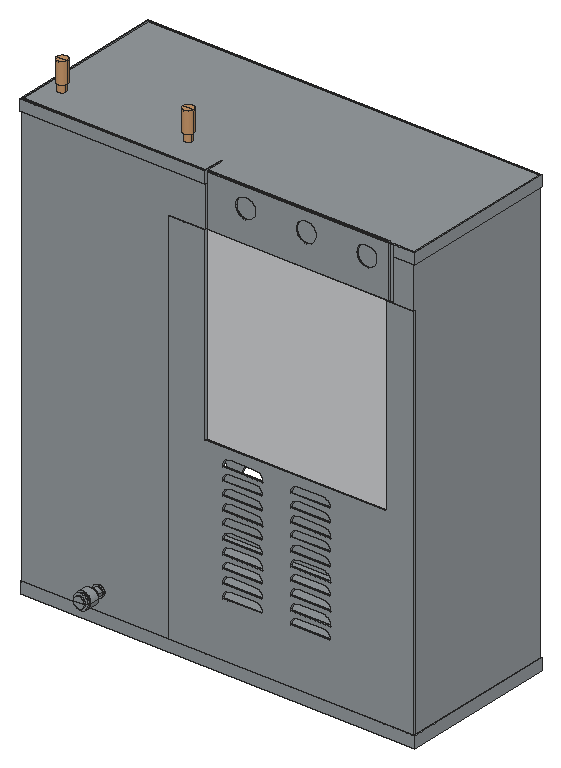
Revit family "Remote_Chiller_Non-Filtered -Elkay-ER101Y", category Plumbing Fixtures, Revit 2022
Family settings
  Round Connector Dimension = Use Diameter
  Part Type = Normal
  OmniClass Number = 23.45.05.14.14
  OmniClass Title = Sinks/Lavatories
  Work Plane-Based = No
  Always vertical = Yes
  Cut with Voids When Loaded = No
  Maintain Annotation Orientation = No
  Shared = No
  Room Calculation Point = No
Parameters (values of type "ER101Y (Remote Chiller)")
  Width = 7.875"
  Voltage = 115 V
  URL = "https://www.elkay.com/us/en.html"
  Type Image = <None>
  Installation Location = "Indoor"  # constant formula
  Dimensions = "19 1/2 inch x 7 7/8 inch x 22 inch"  # constant formula
  Repair Parts URL = "https://www.elkayfiles.com/care-cleaning-install-warranty-sheets/2000000532.pdf"
  Product data URL = "https://www.bimobject.com/en-in/elkay/product/er101y"
  Product Weight (lbs) = 68
  Product Page URL = "https://www.elkay.com/products/details/er101y"
  Product Installation Sheet URL = "https://www.elkayfiles.com/care-cleaning-install-warranty-sheets/2000000532.pdf"
  Product Documentation Link = "https://www.elkayfiles.com/spec-sheets/er101y_spec.pdf"
  Outlet Connection Size (inch) = 0.375"
  Modified Date = ""
  Model = "ER101Y"
  Manufacturer Brand = "Elkay (by Zurn Elkay Water Solutions)"
  Manufacturer = "Elkay Manufacturer Company"
  Main Material = Finish-Elkay-Galvanized steel
  Length = 19.500"
  Inlet Connection Size (inch) = 0.375"
  Height = 22.000"
  Description = "Remote Chiller Non-Filtered Refrigerated 10 GPH"
  Default Elevation = 0.000"
  Date Created = "10-24-2025"
  Chilling Capacity(GPH) = 10
  Assembly Code = "D2010800"
  Approx. Shipping Weight (lbs) = 74
Reference planes (in)
  plane 1 "Center (Front/Back)": y = 0
  plane 2: z = 1.00878
  plane 3 "Center (Left/Right)": x = 0
  plane 4: z = -20.42122
  plane 5: y = -9
  plane 6: z = 0.96268
  plane 7: z = -20.99122
  plane 8: y = -3.89101
  plane 9: x = 8.7499
  plane 10: z = -20.37512
  plane 11: z = -10.91122
  plane 12: x = 4.375
  plane 13: z = 0.00878
  plane 14: x = 7.375
  plane 15: x = 1.375
  plane 16: y = -3.98311
  plane 17: y = -2.43701
  plane 18: x = -2.65
  plane 19: x = -8.9
  plane 20: z = 2.30842
  plane 21: x = -2.91
  plane 22: z = 1.05878
  plane 23: z = 1.38878
  plane 24: x = -2.84
  plane 25: x = -8.9
  plane 26: z = 2.30842
  plane 27: z = 1.38878
  plane 28: x = -9.16
  plane 29: x = -9.09
  plane 30: z = 1.05878
  plane 31: y = -3.93701
  plane 32: z = -19.49122
  plane 33: x = -5.88
  plane 34: x = -5.6
  plane 35: x = -5.69
  plane 36: x = -5.615
  plane 37: x = -5.485
  plane 38: x = -5.55
  plane 39: x = -5.69
  plane 40: x = -5.5072
  plane 41: x = -5.69
  plane 42: y = -5.15701
  plane 43: y = -5.11138
  plane 44: y = -5.05263
  plane 45: y = -4.90406
  plane 46: y = -4.99179
  plane 47: y = -4.48406
  plane 48: y = -3.98701
  plane 49: y = -4.30454
  plane 50: y = 3.93799
  plane 51: x = -9.75
  plane 52: x = 9.75
  plane 53: z = 2.40878
  plane 54: x = -0.59
  plane 55: x = -2.4
  plane 56: x = -0.9
  plane 57: x = 8.44
  plane 58: z = 0.46878
  plane 59: y = -3.83101
  plane 60: z = -1.59122
  plane 61: z = -18.57122
  plane 62: x = -0.2
  plane 63: x = 2.91
  plane 64: x = 3.66
  plane 65: x = 7.16
  plane 66: z = -11.35122
  plane 67: z = -17.42122
  plane 68: x = -7.75
Forms (in)
  Extrusion 1, solid, material "Finish-Elkay-Galvanized steel" <- "Main Material"
    sketch origin (-13.92042, -180, -0.171) x (-1, 0, 0) y (0, -1, 0)
      loop
        line (-4.21642, -183.89101) -> (-4.21642, -176.10899) -> (-23.62442, -176.10899) -> (-23.62442, -183.89101) -> (-4.21642, -183.89101)
    from 1.13368 to 1.17978
  Extrusion 2, solid, material "Finish-Elkay-Galvanized steel" <- "Main Material"
    sketch origin (-16.25152, -184.42198, -20.42122) x (0, -1, 0) y (-1, 0, 0)
      loop
        line (-188.35899, -6.50152) -> (-188.35899, -26.00152) -> (-180.48498, -26.00152) -> (-180.48498, -6.50152) -> (-188.35899, -6.50152)
    from 0 to 0.57
  Extrusion 3, solid, material "Finish-Elkay-Galvanized steel" <- "Main Material"
    sketch origin (0, 0, 0) x (1, 0, 0) y (0, 0, 1)
      loop
        line (-0.59, 1.00878) -> (-0.59, -1.59122) -> (8.44, -1.59122) -> (8.44, 1.00878) -> (-0.59, 1.00878)
    from 3.83101 to 3.89101
  Extrusion 4, solid, material "Finish-Elkay-Galvanized steel" <- "Main Material"
    sketch origin (-11.96783, -3.89101, 49.00878) x (-1, 0, 0) y (0, 0, 1)
      loop
        line (-21.71783, -50.6) -> (-21.71783, -69.3839) -> (-9.56783, -69.3839) -> (-9.56783, -50.6) -> (-11.37783, -50.6) -> (-11.37783, -59.92) -> (-20.40783, -59.92) -> (-20.40783, -50.6) -> (-21.71783, -50.6)
    from 0 to -0.0921
  Extrusion 5, void
    sketch origin (-11.96783, -3.89101, 49.00878) x (-1, 0, 0) y (0, 0, 1)
      loop
        circle (-19.34283, -49) r 0.5
      loop
        circle (-16.34283, -49) r 0.5
      loop
        circle (-13.34283, -49) r 0.5
    from 0.02983 to -0.0921
  Extrusion 6, solid, material "Finish-Elkay-Stainless Steel"
    sketch origin (-11.96783, -3.89101, 49.00878) x (-1, 0, 0) y (0, 0, 1)
      loop
        line (-20.40783, -50.6) -> (-20.40783, -59.92) -> (-11.37783, -59.92) -> (-11.37783, -50.6) -> (-20.40783, -50.6)
    from 0.06 to 0
  Revolve 7, solid, material "Finish-Elkay-copper"
    sketch origin (-14.0158, -2.43701, 49.00878) x (-1, 0, 0) y (0, 0, 1)
      loop
        line (-11.3658, -48) -> (-11.1758, -48) -> (-11.1758, -47.62) -> (-11.1058, -47.62) -> (-11.1058, -46.6) -> (-11.3658, -46.6) -> (-11.3658, -48)
      axis (-11.3658, -46.6) -> (-11.3658, -48)
    angle from 0 to 360
  Revolve 8, solid, material "Finish-Elkay-copper"
    sketch origin (-14.0158, -2.43701, 49.00878) x (-1, 0, 0) y (0, 0, 1)
      loop
        line (-5.1158, -46.6) -> (-5.1158, -48) -> (-4.9258, -48) -> (-4.9258, -47.62) -> (-4.8558, -47.62) -> (-4.8558, -46.6) -> (-5.1158, -46.6)
      axis (-5.1158, -46.6) -> (-5.1158, -48)
    angle from 0 to 360
  Revolve 9, solid, material "Finish-Elkay-Galvanized steel" <- "Main Material"
    sketch origin (-18.44232, -180, -19.49122) x (-1, 0, 0) y (0, -1, 0)
      loop
        line (-12.56232, -176.06299) -> (-12.56232, -174.84299) -> (-12.82732, -174.84299) -> (-12.82732, -174.88862) -> (-12.75232, -174.88862) -> (-12.75232, -174.94737) -> (-12.93512, -174.94737) -> (-12.93512, -175.00821) -> (-12.89232, -175.00821) -> (-12.89232, -175.09594) -> (-12.95732, -175.09594) -> (-12.95732, -175.51594) -> (-12.82732, -175.51594) -> (-12.82732, -175.69546) -> (-12.75232, -175.69546) -> (-12.75232, -176.01299) -> (-12.84232, -176.01299) -> (-12.84232, -176.06299) -> (-12.56232, -176.06299)
      axis (-12.56232, -176.06299) -> (-12.56232, -174.84299)
    angle from 0 to 360
  Sweep 10, solid, material "Finish-Elkay-Galvanized steel" <- "Main Material"
    path origin (-18.44232, -180, -19.49122) x (-1, 0, 0) y (0, -1, 0)
      loop
        line (-17.85232, -177.06299) -> (-17.85232, -176.01689) -> (-8.69232, -176.01689) -> (-8.69232, -183.93799) -> (-28.19232, -183.93799) -> (-28.19232, -176.06299) -> (-27.19232, -176.06299)
    profile origin (0, 3.93799, -19.49122) x (0, 1, 0) y (0, 0, 1)
      loop
        line (-0.05, 20.5) -> (-0.05, 19.96) -> (0, 19.96) -> (0, 20.5) -> (-0.05, 20.5)
  Sweep 11, solid, material "Finish-Elkay-Galvanized steel" <- "Main Material"
    path origin (-18.44232, -180, -19.49122) x (-1, 0, 0) y (0, -1, 0)
      loop
        line (-17.85232, -177.06299) -> (-17.85232, -176.06299) -> (-8.74232, -176.06299) -> (-8.74232, -183.88799) -> (-28.14232, -183.88799) -> (-28.14232, -176.06299) -> (-27.19232, -176.06299)
    profile origin (0, 3.88799, -19.49122) x (0, 1, 0) y (0, 0, 1)
      loop
        line (0, 19.96) -> (-0.046, 19.96) -> (-0.046, -0.93) -> (0, -0.93) -> (0, 19.96)
  Extrusion 12, void
    sketch origin (0, 0, 0) x (1, 0, 0) y (0, 0, 1)
      loop
        line (0.2936, -17.64122) -> (2.2936, -17.64122) -> (2.2936, -17.58122)
        arc (2.2936, -17.58122) -> (2.15945, -17.31989) -> (1.89074, -17.20122) r 0.44
        line (1.89074, -17.20122) -> (0.69646, -17.20122)
        arc (0.69646, -17.20122) -> (0.42774, -17.31989) -> (0.2936, -17.58122) r 0.44
        line (0.2936, -17.58122) -> (0.2936, -17.64122)
      loop
        line (0.2936, -16.99372) -> (2.2936, -16.99372) -> (2.2936, -16.93372)
        arc (2.2936, -16.93372) -> (2.15945, -16.67239) -> (1.89074, -16.55372) r 0.44
        line (1.89074, -16.55372) -> (0.69646, -16.55372)
        arc (0.69646, -16.55372) -> (0.42774, -16.67239) -> (0.2936, -16.93372) r 0.44
        line (0.2936, -16.93372) -> (0.2936, -16.99372)
      loop
        line (0.2936, -16.34122) -> (2.2936, -16.34122) -> (2.2936, -16.28122)
        arc (2.2936, -16.28122) -> (2.15945, -16.01989) -> (1.89074, -15.90122) r 0.44
        line (1.89074, -15.90122) -> (0.69646, -15.90122)
        arc (0.69646, -15.90122) -> (0.42774, -16.01989) -> (0.2936, -16.28122) r 0.44
        line (0.2936, -16.28122) -> (0.2936, -16.34122)
      loop
        line (0.2936, -15.69372) -> (2.2936, -15.69372) -> (2.2936, -15.63372)
        arc (2.2936, -15.63372) -> (2.15945, -15.37239) -> (1.89074, -15.25372) r 0.44
        line (1.89074, -15.25372) -> (0.69646, -15.25372)
        arc (0.69646, -15.25372) -> (0.42774, -15.37239) -> (0.2936, -15.63372) r 0.44
        line (0.2936, -15.63372) -> (0.2936, -15.69372)
      loop
        line (0.2936, -15.04372) -> (2.2936, -15.04372) -> (2.2936, -14.98372)
        arc (2.2936, -14.98372) -> (2.15945, -14.72239) -> (1.89074, -14.60372) r 0.44
        line (1.89074, -14.60372) -> (0.69646, -14.60372)
        arc (0.69646, -14.60372) -> (0.42774, -14.72239) -> (0.2936, -14.98372) r 0.44
        line (0.2936, -14.98372) -> (0.2936, -15.04372)
      loop
        line (0.2936, -14.39622) -> (2.2936, -14.39622) -> (2.2936, -14.33622)
        arc (2.2936, -14.33622) -> (2.15945, -14.07489) -> (1.89074, -13.95622) r 0.44
        line (1.89074, -13.95622) -> (0.69646, -13.95622)
        arc (0.69646, -13.95622) -> (0.42774, -14.07489) -> (0.2936, -14.33622) r 0.44
        line (0.2936, -14.33622) -> (0.2936, -14.39622)
      loop
        line (0.2936, -13.74372) -> (2.2936, -13.74372) -> (2.2936, -13.68372)
        arc (2.2936, -13.68372) -> (2.15945, -13.42239) -> (1.89074, -13.30372) r 0.44
        line (1.89074, -13.30372) -> (0.69646, -13.30372)
        arc (0.69646, -13.30372) -> (0.42774, -13.42239) -> (0.2936, -13.68372) r 0.44
        line (0.2936, -13.68372) -> (0.2936, -13.74372)
      loop
        line (0.2936, -13.09622) -> (2.2936, -13.09622) -> (2.2936, -13.03622)
        arc (2.2936, -13.03622) -> (2.15945, -12.77489) -> (1.89074, -12.65622) r 0.44
        line (1.89074, -12.65622) -> (0.69646, -12.65622)
        arc (0.69646, -12.65622) -> (0.42774, -12.77489) -> (0.2936, -13.03622) r 0.44
        line (0.2936, -13.03622) -> (0.2936, -13.09622)
      loop
        line (0.2936, -12.44122) -> (2.2936, -12.44122) -> (2.2936, -12.38122)
        arc (2.2936, -12.38122) -> (2.15945, -12.11989) -> (1.89074, -12.00122) r 0.44
        line (1.89074, -12.00122) -> (0.69646, -12.00122)
        arc (0.69646, -12.00122) -> (0.42774, -12.11989) -> (0.2936, -12.38122) r 0.44
        line (0.2936, -12.38122) -> (0.2936, -12.44122)
      loop
        line (0.2936, -11.79372) -> (2.2936, -11.79372) -> (2.2936, -11.73372)
        arc (2.2936, -11.73372) -> (2.15945, -11.47239) -> (1.89074, -11.35372) r 0.44
        line (1.89074, -11.35372) -> (0.69646, -11.35372)
        arc (0.69646, -11.35372) -> (0.42774, -11.47239) -> (0.2936, -11.73372) r 0.44
        line (0.2936, -11.73372) -> (0.2936, -11.79372)
      loop
        line (3.66, -17.64122) -> (5.66, -17.64122) -> (5.66, -17.58122)
        arc (5.66, -17.58122) -> (5.52585, -17.31989) -> (5.25714, -17.20122) r 0.44
        line (5.25714, -17.20122) -> (4.06286, -17.20122)
        arc (4.06286, -17.20122) -> (3.79415, -17.31989) -> (3.66, -17.58122) r 0.44
        line (3.66, -17.58122) -> (3.66, -17.64122)
      loop
        line (3.66, -16.99372) -> (5.66, -16.99372) -> (5.66, -16.93372)
        arc (5.66, -16.93372) -> (5.52585, -16.67239) -> (5.25714, -16.55372) r 0.44
        line (5.25714, -16.55372) -> (4.06286, -16.55372)
        arc (4.06286, -16.55372) -> (3.79415, -16.67239) -> (3.66, -16.93372) r 0.44
        line (3.66, -16.93372) -> (3.66, -16.99372)
      loop
        line (3.66, -16.34122) -> (5.66, -16.34122) -> (5.66, -16.28122)
        arc (5.66, -16.28122) -> (5.52585, -16.01989) -> (5.25714, -15.90122) r 0.44
        line (5.25714, -15.90122) -> (4.06286, -15.90122)
        arc (4.06286, -15.90122) -> (3.79415, -16.01989) -> (3.66, -16.28122) r 0.44
        line (3.66, -16.28122) -> (3.66, -16.34122)
      loop
        line (3.66, -15.69372) -> (5.66, -15.69372) -> (5.66, -15.63372)
        arc (5.66, -15.63372) -> (5.52585, -15.37239) -> (5.25714, -15.25372) r 0.44
        line (5.25714, -15.25372) -> (4.06286, -15.25372)
        arc (4.06286, -15.25372) -> (3.79415, -15.37239) -> (3.66, -15.63372) r 0.44
        line (3.66, -15.63372) -> (3.66, -15.69372)
      loop
        line (3.66, -15.04372) -> (5.66, -15.04372) -> (5.66, -14.98372)
        arc (5.66, -14.98372) -> (5.52585, -14.72239) -> (5.25714, -14.60372) r 0.44
        line (5.25714, -14.60372) -> (4.06286, -14.60372)
        arc (4.06286, -14.60372) -> (3.79415, -14.72239) -> (3.66, -14.98372) r 0.44
        line (3.66, -14.98372) -> (3.66, -15.04372)
      loop
        line (3.66, -14.39622) -> (5.66, -14.39622) -> (5.66, -14.33622)
        arc (5.66, -14.33622) -> (5.52585, -14.07489) -> (5.25714, -13.95622) r 0.44
        line (5.25714, -13.95622) -> (4.06286, -13.95622)
        arc (4.06286, -13.95622) -> (3.79415, -14.07489) -> (3.66, -14.33622) r 0.44
        line (3.66, -14.33622) -> (3.66, -14.39622)
      loop
        line (3.66, -13.74372) -> (5.66, -13.74372) -> (5.66, -13.68372)
        arc (5.66, -13.68372) -> (5.52585, -13.42239) -> (5.25714, -13.30372) r 0.44
        line (5.25714, -13.30372) -> (4.06286, -13.30372)
        arc (4.06286, -13.30372) -> (3.79415, -13.42239) -> (3.66, -13.68372) r 0.44
        line (3.66, -13.68372) -> (3.66, -13.74372)
      loop
        line (3.66, -13.09622) -> (5.66, -13.09622) -> (5.66, -13.03622)
        arc (5.66, -13.03622) -> (5.52585, -12.77489) -> (5.25714, -12.65622) r 0.44
        line (5.25714, -12.65622) -> (4.06286, -12.65622)
        arc (4.06286, -12.65622) -> (3.79415, -12.77489) -> (3.66, -13.03622) r 0.44
        line (3.66, -13.03622) -> (3.66, -13.09622)
      loop
        line (3.66, -12.44122) -> (5.66, -12.44122) -> (5.66, -12.38122)
        arc (5.66, -12.38122) -> (5.52585, -12.11989) -> (5.25714, -12.00122) r 0.44
        line (5.25714, -12.00122) -> (4.06286, -12.00122)
        arc (4.06286, -12.00122) -> (3.79415, -12.11989) -> (3.66, -12.38122) r 0.44
        line (3.66, -12.38122) -> (3.66, -12.44122)
      loop
        line (3.66, -11.79372) -> (5.66, -11.79372) -> (5.66, -11.73372)
        arc (5.66, -11.73372) -> (5.52585, -11.47239) -> (5.25714, -11.35372) r 0.44
        line (5.25714, -11.35372) -> (4.06286, -11.35372)
        arc (4.06286, -11.35372) -> (3.79415, -11.47239) -> (3.66, -11.73372) r 0.44
        line (3.66, -11.73372) -> (3.66, -11.79372)
    from 2.43701 to 3.98311
  Extrusion 13, void
    sketch origin (-6.22808, 0, -0.62781) x (1, 0, 0) y (0, 0, 1)
      loop
        line (1.22808, -16.79341) -> (3.22808, -16.79341) -> (3.22808, -16.73341)
        arc (3.22808, -16.73341) -> (3.09393, -16.47208) -> (2.82522, -16.35341) r 0.44
        line (2.82522, -16.35341) -> (1.63094, -16.35341)
        arc (1.63094, -16.35341) -> (1.36222, -16.47208) -> (1.22808, -16.73341) r 0.44
        line (1.22808, -16.73341) -> (1.22808, -16.79341)
      loop
        line (1.2889, -16.16341) -> (3.22808, -16.16341) -> (3.22808, -16.10341)
        arc (3.22808, -16.10341) -> (3.09393, -15.84208) -> (2.82522, -15.72341) r 0.44
        line (2.82522, -15.72341) -> (1.69176, -15.72341)
        arc (1.69176, -15.72341) -> (1.42305, -15.84208) -> (1.2889, -16.10341) r 0.44
        line (1.2889, -16.10341) -> (1.2889, -16.16341)
      loop
        line (1.22808, -15.53341) -> (3.22808, -15.53341) -> (3.22808, -15.47341)
        arc (3.22808, -15.47341) -> (3.09393, -15.21208) -> (2.82522, -15.09341) r 0.44
        line (2.82522, -15.09341) -> (1.63094, -15.09341)
        arc (1.63094, -15.09341) -> (1.36222, -15.21208) -> (1.22808, -15.47341) r 0.44
        line (1.22808, -15.47341) -> (1.22808, -15.53341)
      loop
        line (1.22808, -14.90341) -> (3.22808, -14.90341) -> (3.22808, -14.84341)
        arc (3.22808, -14.84341) -> (3.09393, -14.58208) -> (2.82522, -14.46341) r 0.44
        line (2.82522, -14.46341) -> (1.63094, -14.46341)
        arc (1.63094, -14.46341) -> (1.36222, -14.58208) -> (1.22808, -14.84341) r 0.44
        line (1.22808, -14.84341) -> (1.22808, -14.90341)
      loop
        line (1.22808, -14.27341) -> (3.22808, -14.27341) -> (3.22808, -14.21341)
        arc (3.22808, -14.21341) -> (3.09393, -13.95208) -> (2.82522, -13.83341) r 0.44
        line (2.82522, -13.83341) -> (1.63094, -13.83341)
        arc (1.63094, -13.83341) -> (1.36222, -13.95208) -> (1.22808, -14.21341) r 0.44
        line (1.22808, -14.21341) -> (1.22808, -14.27341)
      loop
        line (1.22808, -13.64341) -> (3.22808, -13.64341) -> (3.22808, -13.58341)
        arc (3.22808, -13.58341) -> (3.09393, -13.32208) -> (2.82522, -13.20341) r 0.44
        line (2.82522, -13.20341) -> (1.63094, -13.20341)
        arc (1.63094, -13.20341) -> (1.36222, -13.32208) -> (1.22808, -13.58341) r 0.44
        line (1.22808, -13.58341) -> (1.22808, -13.64341)
      loop
        line (1.22808, -13.01341) -> (3.22808, -13.01341) -> (3.22808, -12.95341)
        arc (3.22808, -12.95341) -> (3.09393, -12.69208) -> (2.82522, -12.57341) r 0.44
        line (2.82522, -12.57341) -> (1.63094, -12.57341)
        arc (1.63094, -12.57341) -> (1.36222, -12.69208) -> (1.22808, -12.95341) r 0.44
        line (1.22808, -12.95341) -> (1.22808, -13.01341)
      loop
        line (1.22808, -12.38341) -> (3.22808, -12.38341) -> (3.22808, -12.32341)
        arc (3.22808, -12.32341) -> (3.09393, -12.06208) -> (2.82522, -11.94341) r 0.44
        line (2.82522, -11.94341) -> (1.63094, -11.94341)
        arc (1.63094, -11.94341) -> (1.36222, -12.06208) -> (1.22808, -12.32341) r 0.44
        line (1.22808, -12.32341) -> (1.22808, -12.38341)
      loop
        line (1.22808, -11.75341) -> (3.22808, -11.75341) -> (3.22808, -11.69341)
        arc (3.22808, -11.69341) -> (3.09393, -11.43208) -> (2.82522, -11.31341) r 0.44
        line (2.82522, -11.31341) -> (1.63094, -11.31341)
        arc (1.63094, -11.31341) -> (1.36222, -11.43208) -> (1.22808, -11.69341) r 0.44
        line (1.22808, -11.69341) -> (1.22808, -11.75341)
      loop
        line (1.22808, -11.12341) -> (3.22808, -11.12341) -> (3.22808, -11.06341)
        arc (3.22808, -11.06341) -> (3.09393, -10.80208) -> (2.82522, -10.68341) r 0.44
        line (2.82522, -10.68341) -> (1.63094, -10.68341)
        arc (1.63094, -10.68341) -> (1.36222, -10.80208) -> (1.22808, -11.06341) r 0.44
        line (1.22808, -11.06341) -> (1.22808, -11.12341)
      loop
        line (1.22808, -10.49341) -> (3.22808, -10.49341) -> (3.22808, -10.43341)
        arc (3.22808, -10.43341) -> (3.09393, -10.17208) -> (2.82522, -10.05341) r 0.44
        line (2.82522, -10.05341) -> (1.63094, -10.05341)
        arc (1.63094, -10.05341) -> (1.36222, -10.17208) -> (1.22808, -10.43341) r 0.44
        line (1.22808, -10.43341) -> (1.22808, -10.49341)
      loop
        line (1.22808, -9.86341) -> (3.22808, -9.86341) -> (3.22808, -9.80341)
        arc (3.22808, -9.80341) -> (3.09393, -9.54208) -> (2.82522, -9.42341) r 0.44
        line (2.82522, -9.42341) -> (1.63094, -9.42341)
        arc (1.63094, -9.42341) -> (1.36222, -9.54208) -> (1.22808, -9.80341) r 0.44
        line (1.22808, -9.80341) -> (1.22808, -9.86341)
      loop
        line (1.22808, -9.23591) -> (3.22808, -9.23591) -> (3.22808, -9.17591)
        arc (3.22808, -9.17591) -> (3.09393, -8.91458) -> (2.82522, -8.79591) r 0.44
        line (2.82522, -8.79591) -> (1.63094, -8.79591)
        arc (1.63094, -8.79591) -> (1.36222, -8.91458) -> (1.22808, -9.17591) r 0.44
        line (1.22808, -9.17591) -> (1.22808, -9.23591)
      loop
        line (1.22808, -8.60591) -> (3.22808, -8.60591) -> (3.22808, -8.54591)
        arc (3.22808, -8.54591) -> (3.09393, -8.28458) -> (2.82522, -8.16591) r 0.44
        line (2.82522, -8.16591) -> (1.63094, -8.16591)
        arc (1.63094, -8.16591) -> (1.36222, -8.28458) -> (1.22808, -8.54591) r 0.44
        line (1.22808, -8.54591) -> (1.22808, -8.60591)
      loop
        line (1.22808, -7.97591) -> (3.22808, -7.97591) -> (3.22808, -7.91591)
        arc (3.22808, -7.91591) -> (3.09393, -7.65458) -> (2.82522, -7.53591) r 0.44
        line (2.82522, -7.53591) -> (1.63094, -7.53591)
        arc (1.63094, -7.53591) -> (1.36222, -7.65458) -> (1.22808, -7.91591) r 0.44
        line (1.22808, -7.91591) -> (1.22808, -7.97591)
      loop
        line (1.22808, -7.34591) -> (3.22808, -7.34591) -> (3.22808, -7.28591)
        arc (3.22808, -7.28591) -> (3.09393, -7.02458) -> (2.82522, -6.90591) r 0.44
        line (2.82522, -6.90591) -> (1.63094, -6.90591)
        arc (1.63094, -6.90591) -> (1.36222, -7.02458) -> (1.22808, -7.28591) r 0.44
        line (1.22808, -7.28591) -> (1.22808, -7.34591)
      loop
        line (1.22808, -6.71591) -> (3.22808, -6.71591) -> (3.22808, -6.65591)
        arc (3.22808, -6.65591) -> (3.09393, -6.39458) -> (2.82522, -6.27591) r 0.44
        line (2.82522, -6.27591) -> (1.63094, -6.27591)
        arc (1.63094, -6.27591) -> (1.36222, -6.39458) -> (1.22808, -6.65591) r 0.44
        line (1.22808, -6.65591) -> (1.22808, -6.71591)
      loop
        line (1.22808, -6.08591) -> (3.22808, -6.08591) -> (3.22808, -6.02591)
        arc (3.22808, -6.02591) -> (3.09393, -5.76458) -> (2.82522, -5.64591) r 0.44
        line (2.82522, -5.64591) -> (1.63094, -5.64591)
        arc (1.63094, -5.64591) -> (1.36222, -5.76458) -> (1.22808, -6.02591) r 0.44
        line (1.22808, -6.02591) -> (1.22808, -6.08591)
      loop
        line (1.22808, -5.45591) -> (3.22808, -5.45591) -> (3.22808, -5.39591)
        arc (3.22808, -5.39591) -> (3.09393, -5.13458) -> (2.82522, -5.01591) r 0.44
        line (2.82522, -5.01591) -> (1.63094, -5.01591)
        arc (1.63094, -5.01591) -> (1.36222, -5.13458) -> (1.22808, -5.39591) r 0.44
        line (1.22808, -5.39591) -> (1.22808, -5.45591)
      loop
        line (1.22808, -4.82591) -> (3.22808, -4.82591) -> (3.22808, -4.76591)
        arc (3.22808, -4.76591) -> (3.09393, -4.50458) -> (2.82522, -4.38591) r 0.44
        line (2.82522, -4.38591) -> (1.63094, -4.38591)
        arc (1.63094, -4.38591) -> (1.36222, -4.50458) -> (1.22808, -4.76591) r 0.44
        line (1.22808, -4.76591) -> (1.22808, -4.82591)
      loop
        line (1.22808, -4.19591) -> (3.22808, -4.19591) -> (3.22808, -4.13591)
        arc (3.22808, -4.13591) -> (3.09393, -3.87458) -> (2.82522, -3.75591) r 0.44
        line (2.82522, -3.75591) -> (1.63094, -3.75591)
        arc (1.63094, -3.75591) -> (1.36222, -3.87458) -> (1.22808, -4.13591) r 0.44
        line (1.22808, -4.13591) -> (1.22808, -4.19591)
      loop
        line (1.22808, -3.56591) -> (3.22808, -3.56591) -> (3.22808, -3.50591)
        arc (3.22808, -3.50591) -> (3.09393, -3.24458) -> (2.82522, -3.12591) r 0.44
        line (2.82522, -3.12591) -> (1.63094, -3.12591)
        arc (1.63094, -3.12591) -> (1.36222, -3.24458) -> (1.22808, -3.50591) r 0.44
        line (1.22808, -3.50591) -> (1.22808, -3.56591)
      loop
        line (1.22808, -2.93591) -> (3.22808, -2.93591) -> (3.22808, -2.87591)
        arc (3.22808, -2.87591) -> (3.09393, -2.61458) -> (2.82522, -2.49591) r 0.44
        line (2.82522, -2.49591) -> (1.63094, -2.49591)
        arc (1.63094, -2.49591) -> (1.36222, -2.61458) -> (1.22808, -2.87591) r 0.44
        line (1.22808, -2.87591) -> (1.22808, -2.93591)
      loop
        line (1.22808, -2.30591) -> (3.22808, -2.30591) -> (3.22808, -2.24591)
        arc (3.22808, -2.24591) -> (3.09393, -1.98458) -> (2.82522, -1.86591) r 0.44
        line (2.82522, -1.86591) -> (1.63094, -1.86591)
        arc (1.63094, -1.86591) -> (1.36222, -1.98458) -> (1.22808, -2.24591) r 0.44
        line (1.22808, -2.24591) -> (1.22808, -2.30591)
      loop
        line (1.22808, -1.67341) -> (3.22808, -1.67341) -> (3.22808, -1.61341)
        arc (3.22808, -1.61341) -> (3.09393, -1.35208) -> (2.82522, -1.23341) r 0.44
        line (2.82522, -1.23341) -> (1.63094, -1.23341)
        arc (1.63094, -1.23341) -> (1.36222, -1.35208) -> (1.22808, -1.61341) r 0.44
        line (1.22808, -1.61341) -> (1.22808, -1.67341)
      loop
        line (-1.52192, -16.79341) -> (0.47808, -16.79341) -> (0.47808, -16.73341)
        arc (0.47808, -16.73341) -> (0.34393, -16.47208) -> (0.07522, -16.35341) r 0.44
        line (0.07522, -16.35341) -> (-1.11906, -16.35341)
        arc (-1.11906, -16.35341) -> (-1.38778, -16.47208) -> (-1.52192, -16.73341) r 0.44
        line (-1.52192, -16.73341) -> (-1.52192, -16.79341)
      loop
        line (-1.52192, -16.16341) -> (0.47808, -16.16341) -> (0.47808, -16.10341)
        arc (0.47808, -16.10341) -> (0.34393, -15.84208) -> (0.07522, -15.72341) r 0.44
        line (0.07522, -15.72341) -> (-1.11906, -15.72341)
        arc (-1.11906, -15.72341) -> (-1.38778, -15.84208) -> (-1.52192, -16.10341) r 0.44
        line (-1.52192, -16.10341) -> (-1.52192, -16.16341)
      loop
        line (-1.52192, -15.53341) -> (0.47808, -15.53341) -> (0.47808, -15.47341)
        arc (0.47808, -15.47341) -> (0.34393, -15.21208) -> (0.07522, -15.09341) r 0.44
        line (0.07522, -15.09341) -> (-1.11906, -15.09341)
        arc (-1.11906, -15.09341) -> (-1.38778, -15.21208) -> (-1.52192, -15.47341) r 0.44
        line (-1.52192, -15.47341) -> (-1.52192, -15.53341)
      loop
        line (-1.52192, -14.90341) -> (0.47808, -14.90341) -> (0.47808, -14.84341)
        arc (0.47808, -14.84341) -> (0.34393, -14.58208) -> (0.07522, -14.46341) r 0.44
        line (0.07522, -14.46341) -> (-1.11906, -14.46341)
        arc (-1.11906, -14.46341) -> (-1.38778, -14.58208) -> (-1.52192, -14.84341) r 0.44
        line (-1.52192, -14.84341) -> (-1.52192, -14.90341)
      loop
        line (-1.52192, -14.27341) -> (0.47808, -14.27341) -> (0.47808, -14.21341)
        arc (0.47808, -14.21341) -> (0.34393, -13.95208) -> (0.07522, -13.83341) r 0.44
        line (0.07522, -13.83341) -> (-1.11906, -13.83341)
        arc (-1.11906, -13.83341) -> (-1.38778, -13.95208) -> (-1.52192, -14.21341) r 0.44
        line (-1.52192, -14.21341) -> (-1.52192, -14.27341)
      loop
        line (-1.52192, -13.64341) -> (0.47808, -13.64341) -> (0.47808, -13.58341)
        arc (0.47808, -13.58341) -> (0.34393, -13.32208) -> (0.07522, -13.20341) r 0.44
        line (0.07522, -13.20341) -> (-1.11906, -13.20341)
        arc (-1.11906, -13.20341) -> (-1.38778, -13.32208) -> (-1.52192, -13.58341) r 0.44
        line (-1.52192, -13.58341) -> (-1.52192, -13.64341)
      loop
        line (-1.52192, -13.01341) -> (0.47808, -13.01341) -> (0.47808, -12.95341)
        arc (0.47808, -12.95341) -> (0.34393, -12.69208) -> (0.07522, -12.57341) r 0.44
        line (0.07522, -12.57341) -> (-1.11906, -12.57341)
        arc (-1.11906, -12.57341) -> (-1.38778, -12.69208) -> (-1.52192, -12.95341) r 0.44
        line (-1.52192, -12.95341) -> (-1.52192, -13.01341)
      loop
        line (-1.52192, -12.38341) -> (0.47808, -12.38341) -> (0.47808, -12.32341)
        arc (0.47808, -12.32341) -> (0.34393, -12.06208) -> (0.07522, -11.94341) r 0.44
        line (0.07522, -11.94341) -> (-1.11906, -11.94341)
        arc (-1.11906, -11.94341) -> (-1.38778, -12.06208) -> (-1.52192, -12.32341) r 0.44
        line (-1.52192, -12.32341) -> (-1.52192, -12.38341)
      loop
        line (-1.52192, -11.75341) -> (0.47808, -11.75341) -> (0.47808, -11.69341)
        arc (0.47808, -11.69341) -> (0.34393, -11.43208) -> (0.07522, -11.31341) r 0.44
        line (0.07522, -11.31341) -> (-1.11906, -11.31341)
        arc (-1.11906, -11.31341) -> (-1.38778, -11.43208) -> (-1.52192, -11.69341) r 0.44
        line (-1.52192, -11.69341) -> (-1.52192, -11.75341)
      loop
        line (-1.52192, -11.12341) -> (0.47808, -11.12341) -> (0.47808, -11.06341)
        arc (0.47808, -11.06341) -> (0.34393, -10.80208) -> (0.07522, -10.68341) r 0.44
        line (0.07522, -10.68341) -> (-1.11906, -10.68341)
        arc (-1.11906, -10.68341) -> (-1.38778, -10.80208) -> (-1.52192, -11.06341) r 0.44
        line (-1.52192, -11.06341) -> (-1.52192, -11.12341)
      loop
        line (-1.52192, -10.49341) -> (0.47808, -10.49341) -> (0.47808, -10.43341)
        arc (0.47808, -10.43341) -> (0.34393, -10.17208) -> (0.07522, -10.05341) r 0.44
        line (0.07522, -10.05341) -> (-1.11906, -10.05341)
        arc (-1.11906, -10.05341) -> (-1.38778, -10.17208) -> (-1.52192, -10.43341) r 0.44
        line (-1.52192, -10.43341) -> (-1.52192, -10.49341)
      loop
        line (-1.52192, -9.86341) -> (0.47808, -9.86341) -> (0.47808, -9.80341)
        arc (0.47808, -9.80341) -> (0.34393, -9.54208) -> (0.07522, -9.42341) r 0.44
        line (0.07522, -9.42341) -> (-1.11906, -9.42341)
        arc (-1.11906, -9.42341) -> (-1.38778, -9.54208) -> (-1.52192, -9.80341) r 0.44
        line (-1.52192, -9.80341) -> (-1.52192, -9.86341)
      loop
        line (-1.52192, -9.23591) -> (0.47808, -9.23591) -> (0.47808, -9.17591)
        arc (0.47808, -9.17591) -> (0.34393, -8.91458) -> (0.07522, -8.79591) r 0.44
        line (0.07522, -8.79591) -> (-1.11906, -8.79591)
        arc (-1.11906, -8.79591) -> (-1.38778, -8.91458) -> (-1.52192, -9.17591) r 0.44
        line (-1.52192, -9.17591) -> (-1.52192, -9.23591)
      loop
        line (-1.52192, -8.60591) -> (0.47808, -8.60591) -> (0.47808, -8.54591)
        arc (0.47808, -8.54591) -> (0.34393, -8.28458) -> (0.07522, -8.16591) r 0.44
        line (0.07522, -8.16591) -> (-1.11906, -8.16591)
        arc (-1.11906, -8.16591) -> (-1.38778, -8.28458) -> (-1.52192, -8.54591) r 0.44
        line (-1.52192, -8.54591) -> (-1.52192, -8.60591)
      loop
        line (-1.52192, -7.97591) -> (0.47808, -7.97591) -> (0.47808, -7.91591)
        arc (0.47808, -7.91591) -> (0.34393, -7.65458) -> (0.07522, -7.53591) r 0.44
        line (0.07522, -7.53591) -> (-1.11906, -7.53591)
        arc (-1.11906, -7.53591) -> (-1.38778, -7.65458) -> (-1.52192, -7.91591) r 0.44
        line (-1.52192, -7.91591) -> (-1.52192, -7.97591)
      loop
        line (-1.52192, -7.34591) -> (0.47808, -7.34591) -> (0.47808, -7.28591)
        arc (0.47808, -7.28591) -> (0.34393, -7.02458) -> (0.07522, -6.90591) r 0.44
        line (0.07522, -6.90591) -> (-1.11906, -6.90591)
        arc (-1.11906, -6.90591) -> (-1.38778, -7.02458) -> (-1.52192, -7.28591) r 0.44
        line (-1.52192, -7.28591) -> (-1.52192, -7.34591)
      loop
        line (-1.52192, -6.71591) -> (0.47808, -6.71591) -> (0.47808, -6.65591)
        arc (0.47808, -6.65591) -> (0.34393, -6.39458) -> (0.07522, -6.27591) r 0.44
        line (0.07522, -6.27591) -> (-1.11906, -6.27591)
        arc (-1.11906, -6.27591) -> (-1.38778, -6.39458) -> (-1.52192, -6.65591) r 0.44
        line (-1.52192, -6.65591) -> (-1.52192, -6.71591)
      loop
        line (-1.52192, -6.08591) -> (0.47808, -6.08591) -> (0.47808, -6.02591)
        arc (0.47808, -6.02591) -> (0.34393, -5.76458) -> (0.07522, -5.64591) r 0.44
        line (0.07522, -5.64591) -> (-1.11906, -5.64591)
        arc (-1.11906, -5.64591) -> (-1.38778, -5.76458) -> (-1.52192, -6.02591) r 0.44
        line (-1.52192, -6.02591) -> (-1.52192, -6.08591)
      loop
        line (-1.52192, -5.45591) -> (0.47808, -5.45591) -> (0.47808, -5.39591)
        arc (0.47808, -5.39591) -> (0.34393, -5.13458) -> (0.07522, -5.01591) r 0.44
        line (0.07522, -5.01591) -> (-1.11906, -5.01591)
        arc (-1.11906, -5.01591) -> (-1.38778, -5.13458) -> (-1.52192, -5.39591) r 0.44
        line (-1.52192, -5.39591) -> (-1.52192, -5.45591)
      loop
        line (-1.52192, -4.82591) -> (0.47808, -4.82591) -> (0.47808, -4.76591)
        arc (0.47808, -4.76591) -> (0.34393, -4.50458) -> (0.07522, -4.38591) r 0.44
        line (0.07522, -4.38591) -> (-1.11906, -4.38591)
        arc (-1.11906, -4.38591) -> (-1.38778, -4.50458) -> (-1.52192, -4.76591) r 0.44
        line (-1.52192, -4.76591) -> (-1.52192, -4.82591)
      loop
        line (-1.52192, -4.19591) -> (0.47808, -4.19591) -> (0.47808, -4.13591)
        arc (0.47808, -4.13591) -> (0.34393, -3.87458) -> (0.07522, -3.75591) r 0.44
        line (0.07522, -3.75591) -> (-1.11906, -3.75591)
        arc (-1.11906, -3.75591) -> (-1.38778, -3.87458) -> (-1.52192, -4.13591) r 0.44
        line (-1.52192, -4.13591) -> (-1.52192, -4.19591)
      loop
        line (-1.52192, -3.56591) -> (0.47808, -3.56591) -> (0.47808, -3.50591)
        arc (0.47808, -3.50591) -> (0.34393, -3.24458) -> (0.07522, -3.12591) r 0.44
        line (0.07522, -3.12591) -> (-1.11906, -3.12591)
        arc (-1.11906, -3.12591) -> (-1.38778, -3.24458) -> (-1.52192, -3.50591) r 0.44
        line (-1.52192, -3.50591) -> (-1.52192, -3.56591)
      loop
        line (-1.52192, -2.93591) -> (0.47808, -2.93591) -> (0.47808, -2.87591)
        arc (0.47808, -2.87591) -> (0.34393, -2.61458) -> (0.07522, -2.49591) r 0.44
        line (0.07522, -2.49591) -> (-1.11906, -2.49591)
        arc (-1.11906, -2.49591) -> (-1.38778, -2.61458) -> (-1.52192, -2.87591) r 0.44
        line (-1.52192, -2.87591) -> (-1.52192, -2.93591)
      loop
        line (-1.52192, -2.30591) -> (0.47808, -2.30591) -> (0.47808, -2.24591)
        arc (0.47808, -2.24591) -> (0.34393, -1.98458) -> (0.07522, -1.86591) r 0.44
        line (0.07522, -1.86591) -> (-1.11906, -1.86591)
        arc (-1.11906, -1.86591) -> (-1.38778, -1.98458) -> (-1.52192, -2.24591) r 0.44
        line (-1.52192, -2.24591) -> (-1.52192, -2.30591)
      loop
        line (-1.52192, -1.67341) -> (0.47808, -1.67341) -> (0.47808, -1.61341)
        arc (0.47808, -1.61341) -> (0.34393, -1.35208) -> (0.07522, -1.23341) r 0.44
        line (0.07522, -1.23341) -> (-1.11906, -1.23341)
        arc (-1.11906, -1.23341) -> (-1.38778, -1.35208) -> (-1.52192, -1.61341) r 0.44
        line (-1.52192, -1.61341) -> (-1.52192, -1.67341)
    from -3.93799 to -3.84199
  Extrusion 14, solid, material "Finish-Elkay-Galvanized steel" <- "Main Material", detail levels coarse+medium
    sketch origin (-18.44232, -180, -19.49122) x (-1, 0, 0) y (0, -1, 0)
      loop
        line (-8.69232, -183.93799) -> (-8.69232, -176.06299) -> (-28.19232, -176.06299) -> (-28.19232, -183.93799) -> (-8.69232, -183.93799)
    from -1.5 to 20.5
Cuts and joins
  Extrusion 12 cuts Extrusion 4
  Extrusion 5 cuts Extrusion 3
  Extrusion 13 cuts Sweep 11
Lines and regions (in)
  Masking region 1
    outline origin (-18.44232, -180, -19.49122) x (-1, 0, 0) y (0, -1, 0)
      loop
        line (-8.69232, -183.93799) -> (-8.69232, -176.01689) -> (-12.28221, -176.01689) -> (-12.28221, -175.98104) -> (-12.37232, -175.98104) -> (-12.37232, -175.69546) -> (-12.29732, -175.69546) -> (-12.29732, -175.51594) -> (-12.16732, -175.51594) -> (-12.16732, -175.09594) -> (-12.23232, -175.09594) -> (-12.23232, -175.00821) -> (-12.18952, -175.00821) -> (-12.18952, -174.94737) -> (-12.37232, -174.94737) -> (-12.37232, -174.88862) -> (-12.29732, -174.88862) -> (-12.29732, -174.84299) -> (-12.82732, -174.84299) -> (-12.82732, -174.88862) -> (-12.75232, -174.88862) -> (-12.75232, -174.94737) -> (-12.93512, -174.94737) -> (-12.93512, -175.00821) -> (-12.89232, -175.00821) -> (-12.89232, -175.09594) -> (-12.95732, -175.09594) -> (-12.95732, -175.51594) -> (-12.82732, -175.51594) -> (-12.82732, -175.69546) -> (-12.75232, -175.69546) -> (-12.75232, -175.98104) -> (-12.84397, -175.98104) -> (-12.84397, -176.01689) -> (-28.19232, -176.01689) -> (-28.19232, -183.93799) -> (-8.69232, -183.93799)
  Masking region 2, detail levels fine
    outline origin (-19.11296, -179.67181, -19.49122) x (-1, 0, 0) y (0, -1, 0)
      loop
        circle (-10.21296, -177.23481) r 0.26
      loop
        circle (-16.46296, -177.23481) r 0.26
Dimensions and locks (in)
  locked: plane 4 to level at 21.43
  locked: level to plane 6 at 0.0461
  locked: plane 4 to plane 7 at 0.57
  level to plane 7 = 22.000"
  locked: Extrusion 2 to plane 10 at 0.0461
  locked: plane 13 to level at 1
  locked: plane 3 "Center (Left/Right)" to plane 12 at 4.375
  locked: plane 12 to plane 14 at 3
  locked: plane 12 to plane 15 at 3
  locked: plane 19 to plane 18 at 6.25
  locked: level to plane 22 at 0.05
  locked: plane 21 to plane 18 at 0.26
  locked: plane 22 to plane 23 at 0.33
  locked: plane 24 to plane 18 at 0.19
  locked: plane 28 to plane 25 at 0.26
  locked: plane 29 to Revolve 8 sketch curve at 0.19
  locked: plane 32 to plane 7 at 1.5
  locked: plane 33 to plane 34 at 0.28
  locked: plane 33 to plane 35 at 0.19
  locked: plane 33 to plane 36 at 0.265
  locked: plane 33 to plane 37 at 0.395
  locked: plane 33 to plane 38 at 0.33
  locked: Revolve 9 sketch curve to plane 40 at 0.3728
  locked: plane 43 to plane 42 at 0.04563
  locked: plane 44 to plane 43 at 0.05875
  locked: plane 46 to plane 44 at 0.06084
  locked: plane 47 to plane 45 at 0.42
  locked: plane 45 to plane 46 at 0.08773
  locked: plane 50 to plane 31 at 7.875
  equal spacing: plane 51, plane 3 "Center (Left/Right)", plane 52
  "Length": plane 51 to plane 52
  locked: plane 53 to level at 1.4
  locked: plane 51 to plane 54 at 9.16
  locked: plane 52 to plane 55 at 12.15
  plane 54 to plane 55 = 1.810"
  locked: plane 52 to plane 57 at 1.31
  locked: Extrusion 6 sketch curve to Extrusion 6 sketch curve at 9.32
  locked: plane 58 to plane 11 at 11.38
  plane 57 to plane 54 = 9.030"
  locked: plane 59 to plane 8 at 0.06
  locked: level to plane 58 at 0.54
  locked: level to plane 60 at 2.6
  locked: plane 61 to plane 4 at 1.85
  locked: plane 62 to plane 55 at 2.2
  locked: plane 63 to plane 54 at 3.5
  locked: plane 64 to plane 63 at 0.75
  locked: plane 65 to plane 64 at 3.5
  plane 59 to plane 8 to plane 16 = 0.060", 0.0921"
  locked: plane 57 to Sweep 10 sketch curve at 0.31
  locked: Sweep 10 sketch curve to plane 17 at 0.5
  locked: plane 67 to plane 4 at 3
  locked: plane 68 to plane 51 at 2
  locked: Extrusion 1 sketch curve to plane 8
  locked: Extrusion 1 sketch curve to plane 52 at 0.046
  locked: plane 51 to Extrusion 1 sketch curve at 0.046
  locked: Extrusion 1 sketch curve to plane 50 at 0.04698
  locked: Extrusion 2 sketch curve to plane 52
  locked: Extrusion 2 sketch curve to plane 51
  locked: Extrusion 2 sketch curve to plane 50 at 0.00098
  locked: Revolve 7 sketch curve to level
  locked: plane 18 to Revolve 7 sketch curve
  locked: plane 24 to Revolve 7 sketch curve
  locked: plane 53 to Revolve 7 sketch curve
  locked: Revolve 7 sketch curve to plane 58 at 0.19227
  locked: plane 53 to Revolve 7 sketch curve at 0.11773
  locked: plane 29 to Revolve 8 sketch curve
  locked: Revolve 8 sketch curve to plane 27
  locked: Revolve 8 sketch curve to plane 53
  locked: plane 60 to Revolve 8 sketch curve at 0.88502
  locked: plane 53 to Revolve 8 sketch curve at 0.28466
  locked: plane 59 to Revolve 9 sketch curve at 0.00245
  locked: Revolve 9 sketch curve to plane 42 at 0.35894
  locked: profile plane to Sweep 10 sketch curve at 0.05
  locked: Sweep 11 sketch curve to plane 54
  locked: plane 57 to Sweep 11 sketch curve at 0.31
  locked: Sweep 11 sketch curve to plane 17 at 0.5
  locked: Sweep 11 sketch curve to profile plane
  locked: profile plane to Sweep 11 sketch curve at 0.046
  locked: cut or joined group of Extrusion 3, Extrusion 5 to plane 16 at 0.12193
  locked: Masking region 1 sketch curve to Masking region 1 sketch curve at 0.0222
  locked: Masking region 1 sketch curve to Masking region 1 sketch curve at 0.0428  (x2)
  locked: Masking region 1 sketch curve to Masking region 1 sketch curve at 0.11335
  locked: Masking region 1 sketch curve to Masking region 1 sketch curve at 0.1078
  locked: Masking region 1 sketch curve to Masking region 1 sketch curve at 0.075  (x4)
  locked: Masking region 1 sketch curve to Masking region 1 sketch curve at 0.38  (x2)
  locked: Masking region 1 sketch curve to Masking region 1 sketch curve at 0.14
  locked: Masking region 1 sketch curve to Masking region 1 sketch curve at 0.065
  locked: Masking region 1 sketch curve to Masking region 1 sketch curve at 0.03586
  locked: Masking region 1 sketch curve to Masking region 1 sketch curve at 0.06084  (x2)
  locked: Masking region 1 sketch curve to Masking region 1 sketch curve at 0.05875
  locked: Masking region 1 sketch curve to Masking region 1 sketch curve at 0.04562
  locked: plane 68 to Masking region 1 sketch curve at 2.265
  Masking region 1 sketch curve to Masking region 1 sketch curve to Masking region 1 sketch curve = 0.03586" locked, 0.28558" locked
  locked: Masking region 1 sketch curve to Masking region 1 sketch curve at 0.09011
  locked: Masking region 1 sketch curve to Masking region 1 sketch curve at 0.09165
  locked: Extrusion 12 sketch curve to plane 64  (x10)
  locked: Extrusion 12 sketch curve to plane 63 at 0.6164  (x5)
  locked: Extrusion 12 sketch curve to Extrusion 12 sketch curve  (x17)
  locked: Extrusion 12 sketch curve to Extrusion 12 sketch curve at 0.40286  (x10)
  locked: Extrusion 12 sketch curve to plane 67 at 0.22
  locked: Extrusion 12 sketch curve to plane 66 at 0.0025  (x2)
  locked: Extrusion 12 sketch curve to Extrusion 12 sketch curve at 0.0332  (x38)
  locked: plane 67 to Extrusion 12 sketch curve at 0.21875  (x4)
  locked: Extrusion 12 sketch curve to Extrusion 12 sketch curve at 0.43606  (x11)
  locked: plane 3 "Center (Left/Right)" to Extrusion 12 sketch curve at 0.72966  (x4)
  locked: Extrusion 12 sketch curve to plane 67 at 0.42875  (x2)
  locked: plane 3 "Center (Left/Right)" to Extrusion 12 sketch curve at 0.2936  (x10)
  locked: plane 67 to Extrusion 12 sketch curve at 0.22  (x2)
  locked: plane 64 to Extrusion 12 sketch curve at 0.40286  (x10)
  locked: plane 64 to Extrusion 12 sketch curve at 0.43606
  locked: Extrusion 12 sketch curve to Extrusion 12 sketch curve at 1.12788  (x4)
  locked: Extrusion 12 sketch curve to plane 66 at 0.44125
  locked: Extrusion 12 sketch curve to Extrusion 12 sketch curve at 0.06  (x17)
  locked: Extrusion 12 sketch curve to plane 67 at 0.4275  (x2)
  locked: Extrusion 12 sketch curve to Extrusion 12 sketch curve at 0.20875  (x17)
  locked: Extrusion 12 sketch curve to Extrusion 12 sketch curve at 0.2125  (x4)
  locked: Extrusion 12 sketch curve to Extrusion 12 sketch curve at 0.21375  (x8)
  locked: Extrusion 12 sketch curve to Extrusion 12 sketch curve at 0.2075  (x6)
  locked: Extrusion 12 sketch curve to Extrusion 12 sketch curve at 0.21  (x2)
  locked: Extrusion 12 sketch curve to Extrusion 12 sketch curve at 0.21125  (x4)
  locked: Extrusion 12 sketch curve to Extrusion 12 sketch curve at 0.215  (x2)
  locked: Extrusion 12 sketch curve to Extrusion 12 sketch curve at 0.21625  (x4)
  locked: Extrusion 12 sketch curve to plane 66 at 0.4425  (x2)
  locked: Extrusion 13 sketch curve to plane 68  (x25)
  locked: Extrusion 13 sketch curve to plane 67  (x2)
  locked: plane 68 to Extrusion 13 sketch curve at 0.40286  (x25)
  locked: plane 66 to Extrusion 13 sketch curve at 0.04  (x2)
  locked: Extrusion 13 sketch curve to Extrusion 13 sketch curve at 0.0332  (x96)
  locked: Extrusion 13 sketch curve to plane 67 at 0.00125  (x4)
  locked: plane 68 to Extrusion 13 sketch curve at 0.43606
  locked: Extrusion 13 sketch curve to Extrusion 13 sketch curve at 1.12788  (x10)
  locked: Extrusion 13 sketch curve to Extrusion 13 sketch curve  (x53)
  locked: plane 66 to Extrusion 13 sketch curve at 0.23125  (x2)
  locked: Extrusion 13 sketch curve to plane 60 at 0.27  (x2)
  locked: Extrusion 13 sketch curve to plane 67 at 0.06
  locked: Extrusion 13 sketch curve to Extrusion 13 sketch curve at 0.43606  (x51)
  locked: Extrusion 13 sketch curve to Extrusion 13 sketch curve at 0.75  (x3)
  locked: Extrusion 13 sketch curve to Extrusion 13 sketch curve at 0.06083
  locked: Extrusion 13 sketch curve to Extrusion 13 sketch curve at 0.40286  (x23)
  locked: Extrusion 13 sketch curve to Extrusion 13 sketch curve at 0.34203
  locked: Extrusion 13 sketch curve to Extrusion 13 sketch curve at 0.09403
  locked: Extrusion 13 sketch curve to plane 55 at 1.03606  (x8)
  locked: Extrusion 13 sketch curve to plane 66 at 0.39875
  locked: Extrusion 13 sketch curve to plane 66 at 0.4  (x2)
  locked: Extrusion 13 sketch curve to Extrusion 13 sketch curve at 0.06  (x46)
  locked: Extrusion 13 sketch curve to Extrusion 13 sketch curve at 0.19  (x40)
  locked: Extrusion 13 sketch curve to Extrusion 13 sketch curve at 0.19125  (x84)
  locked: plane 66 to Extrusion 13 sketch curve at 0.23  (x2)
  locked: Extrusion 13 sketch curve to Extrusion 13 sketch curve at 0.1875  (x2)
  locked: Extrusion 13 sketch curve to Extrusion 13 sketch curve at 0.18875  (x4)
  locked: Extrusion 13 sketch curve to Extrusion 13 sketch curve at 0.1925  (x2)
  locked: Extrusion 13 sketch curve to Extrusion 13 sketch curve at 0.19375  (x4)
  locked: Extrusion 13 sketch curve to Extrusion 13 sketch curve at 0.02763
  locked: Extrusion 13 sketch curve to Extrusion 13 sketch curve at 0.00125
  aligned and locked: plane 2 to level
  aligned and locked: Extrusion 1 to plane 6
  aligned and locked: level to Extrusion 1
  aligned and locked: Extrusion 2 to plane 7
  aligned and locked: plane 8 to Extrusion 1
  aligned and locked: Extrusion 3 sketch curve to Extrusion 1
  aligned and locked: Extrusion 4 sketch curve to plane 10
  aligned and locked: Extrusion 4 sketch curve to plane 11
  aligned and locked: plane 14 to Extrusion 5 sketch curve
  aligned and locked: plane 13 to Extrusion 5 sketch curve  (x3)
  aligned and locked: plane 12 to Extrusion 5 sketch curve
  aligned and locked: plane 15 to Extrusion 5 sketch curve
  aligned and locked: plane 21 to Revolve 7 sketch curve
  aligned and locked: Revolve 7 sketch curve to plane 18
  aligned and locked: Revolve 8 sketch curve to plane 28
  aligned and locked: level to Revolve 8 sketch curve
  aligned and locked: Revolve 8 sketch curve to plane 25
  aligned and locked: Revolve 9 sketch curve to plane 34
  aligned and locked: Revolve 9 sketch curve to plane 31
  aligned and locked: Revolve 9 sketch curve to plane 35
  aligned and locked: Revolve 9 sketch curve to plane 36  (x2)
  aligned and locked: Revolve 9 sketch curve to plane 37
  aligned and locked: Revolve 9 sketch curve to plane 38
  aligned and locked: Revolve 9 sketch curve to plane 33
  aligned and locked: Revolve 9 sketch curve to plane 40
  aligned and locked: Revolve 9 sketch curve to plane 41
  aligned and locked: Revolve 9 sketch curve to plane 43
  aligned and locked: plane 42 to Revolve 9 sketch curve
  aligned and locked: plane 44 to Revolve 9 sketch curve
  aligned and locked: plane 45 to Revolve 9 sketch curve
  aligned and locked: plane 46 to Revolve 9 sketch curve
  aligned and locked: Revolve 9 sketch curve to plane 47
  aligned and locked: plane 48 to Revolve 9 sketch curve
  aligned and locked: Revolve 9 sketch curve to plane 49
  aligned and locked: plane 31 to Extrusion 2 sketch curve
  aligned and locked: Sweep 10 sketch curve to plane 50
  aligned and locked: plane 51 to Sweep 10 sketch curve
  aligned and locked: Sweep 10 sketch curve to plane 52
  aligned and locked: plane 50 to Sweep 10 sketch curve
  aligned and locked: level to Sweep 10 sketch curve
  aligned and locked: Sweep 10 sketch curve to plane 31
  aligned and locked: Masking region 1 sketch curve to plane 50
  aligned and locked: plane 51 to Masking region 1 sketch curve
  aligned and locked: Masking region 1 sketch curve to plane 52
  aligned and locked: Sweep 10 to Masking region 1 sketch curve
  aligned and locked: plane 53 to Revolve 8
  aligned and locked: plane 53 to Revolve 7
  aligned and locked: plane 23 to Revolve 7 sketch curve
  aligned and locked: Sweep 10 sketch curve to plane 54
  aligned and locked: Extrusion 4 sketch curve to plane 55
  aligned and locked: plane 52 to Extrusion 4 sketch curve
  aligned and locked: Extrusion 4 sketch curve to plane 57
  aligned and locked: plane 57 to Extrusion 6 sketch curve
  aligned and locked: Sweep 10 to Extrusion 6 sketch curve
  aligned and locked: plane 54 to Extrusion 4 sketch curve
  aligned and locked: Extrusion 6 to plane 8
  aligned and locked: plane 59 to Extrusion 6
  aligned and locked: Sweep 10 sketch curve to plane 58
  aligned and locked: Sweep 10 sketch curve to plane 16
  aligned and locked: plane 16 to Extrusion 4
  aligned and locked: plane 8 to Extrusion 4
  aligned and locked: plane 31 to Sweep 11 sketch curve
  aligned and locked: Sweep 11 sketch curve to Sweep 10  (x2)
  aligned and locked: Sweep 10 to Sweep 11 sketch curve
  aligned and locked: Sweep 11 sketch curve to plane 58
  aligned and locked: Sweep 11 sketch curve to plane 4
  aligned and locked: Sweep 11 sketch curve to plane 31
  aligned and locked: plane 60 to Extrusion 4 sketch curve  (x2)
  aligned and locked: plane 60 to Extrusion 6 sketch curve
  aligned and locked: plane 54 to Extrusion 3 sketch curve
  aligned and locked: Extrusion 3 sketch curve to plane 57
  aligned and locked: plane 60 to Extrusion 3 sketch curve
  aligned and locked: plane 59 to Extrusion 3
  aligned and locked: Extrusion 3 to plane 8
  aligned and locked: plane 17 to Extrusion 12
  aligned and locked: Extrusion 12 to plane 16
  aligned and locked: Extrusion 5 to plane 16
  aligned and locked: Masking region 2 sketch curve to Revolve 8
  aligned and locked: Masking region 2 sketch curve to Revolve 7
  aligned and locked: Masking region 1 sketch curve to Revolve 9  (x8)
  aligned and locked: Revolve 9 to Masking region 1 sketch curve
  aligned and locked: Extrusion 14 sketch curve to plane 50
  aligned and locked: plane 51 to Extrusion 14 sketch curve
  aligned and locked: plane 31 to Extrusion 14 sketch curve
  aligned and locked: Extrusion 14 sketch curve to plane 52
  aligned and locked: level to Extrusion 14
  aligned and locked: Extrusion 14 to plane 7
Automatic sketch dimensions
  radius of Extrusion 5 sketch curve = 0.500"  (x3)
Connectors (in)
  piping at (-8.9, -2.43701, 2.40878), diameter 0.375, driven by "Outlet Connection Size (inch)"
    settings: on Revolve 8, index 1, connector inside diameter 24", connector length 0.000", flow factor 0, pipe flow 0 GPM, pressure drop 0.00 psi, fitting loss kfactor 0, connector angle 0.00°, fixture units 0, engagement length 0.000", angle of deflection 0.00°, flow configuration 0, flow direction 0, fitting loss method 0, system type 7, joint type 0, gender type 0, connector reference index -1, connector utility 0, adjustable connector no, is connector primary yes, connector description ""
  piping at (-2.65, -2.43701, 2.40878), diameter 0.375, driven by "Inlet Connection Size (inch)"
    settings: on Revolve 7, index 2, connector inside diameter 24", connector length 0.000", flow factor 0, pipe flow 0 GPM, pressure drop 0.00 psi, fitting loss kfactor 0, connector angle 0.00°, fixture units 0, engagement length 0.000", angle of deflection 0.00°, flow configuration 0, flow direction 0, fitting loss method 0, system type 7, joint type 0, gender type 0, connector reference index -1, connector utility 0, adjustable connector no, is connector primary no, connector description ""
  electrical at (7.375, -3.86118, 0.00878), driven by "Voltage"
    settings: on cut or joined group of Extrusion 3, Extrusion 5, index 3, voltage 115 V, apparent load 0 VA, apparent load phase1 0 VA, apparent load phase2 0 VA, apparent load phase3 0 VA, power factor 1, load classification "Other", number of poles 1, system type 30, power factor state 1, is connector primary yes, connector utility no, sub classification motor no, connector description "GFCI Receptacle"
